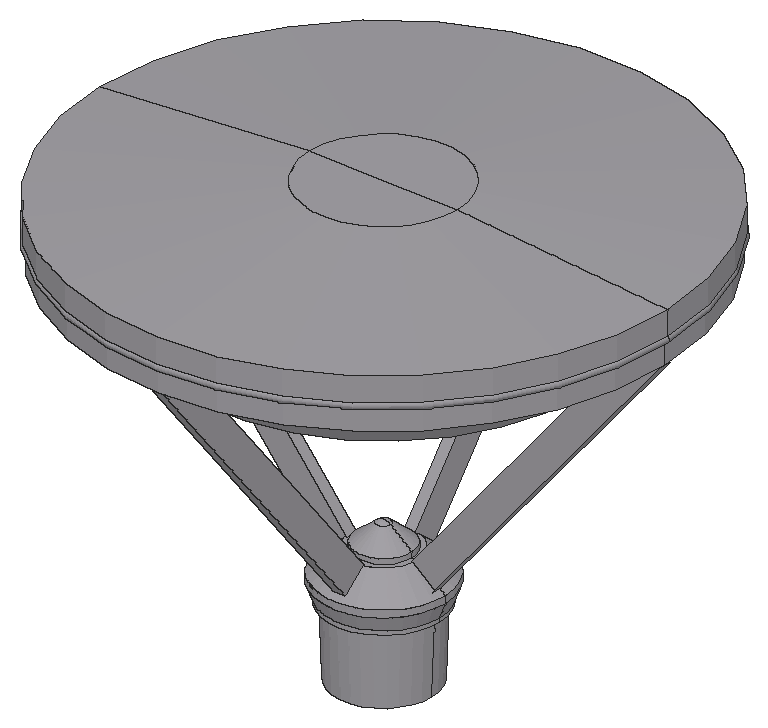
Revit family "SLVT", category Lighting Fixtures, Revit 2021
Family settings
  Round Connector Dimension = Use Diameter
  Part Type = Normal
  Work Plane-Based = No
  Always vertical = Yes
  Cut with Voids When Loaded = No
  Light Source = Yes
  Shared = No
  Room Calculation Point = No
Parameters
  Width Radius = Width / 2  # 1' - 0 3/4"
  Width = 2' - 1 1/2"  # constant formula
  Wattage Comments = "100W MH Ballast"
  Wattage = 12.1178 W
  built-in parameter 1150110 = 1 (stored number, unit not read)
  Voltage = 277 V  # constant formula
  VTLDL = SL Type = 1  # no
  VTL = SL Type = 2  # no
  VTH = SL Type = 0  # yes
  URL = "https://www.currentlighting.com/aal"
  built-in parameter 1114217 = 1 (stored number, unit not read)
  Tilt Angle = 60.00°
  built-in parameter 1150109 = 1 (stored number, unit not read)
  built-in parameter 1150134 = (empty or 0)
  built-in parameter 1150113 = 1 (stored number, unit not read)
  Series = "Largent"  # constant formula
  SL Type = 0
  Reflector Material = Aluminum-Reflector
  Power Factor = 1  # constant formula
  built-in parameter 1154647 = 0' - 0"
  Default Elevation = 0' - 0"
  Photometric Web File = "generic.ies"
  OmniClass Title = "Post-Top Lighting"  # constant formula
  OmniClass Number = "23.80.70.14.11.14"  # constant formula
  Number of Poles = 1
  Note Visible = yes
  Note Text = "LF"  # constant formula
  Model = "SLVT"
  MasterFormat Title = "Area Lighting"  # constant formula
  MasterFormat Number = "26.56.29"  # constant formula
  Manufacturer = "Architectural Area Lighting"  # constant formula
  Lumens = 1800 lm
  built-in parameter 1150115 = 1 (stored number, unit not read)
  built-in parameter 1150105 = 143.24 (stored number, unit not read)
  built-in parameter 1150137 = (empty or 0)
  built-in parameter 1150139 = (empty or 0)
  built-in parameter 1150112 = 1 (stored number, unit not read)
  built-in parameter 1150114 = 1 (stored number, unit not read)
  Lamp = "ONE 100 METAL HALIDE ED-17 MED BASE"
  built-in parameter 1150132 = 2
  built-in parameter 1150102 = (empty or 0)
  built-in parameter 1150138 = (empty or 0)
  built-in parameter 1150107 = 3000 (stored number, unit not read)
  built-in parameter 1150106 = 1.4324 (stored number, unit not read)
  Housing Material = Aluminum-Matte Aluminum
  Height = 1' - 8"  # constant formula
  Glazing Type = Glass-Clear
  Full Load Current = 0.73 A  # constant formula
  Frequency = 60 Hz  # constant formula
  built-in parameter 1150104 = 13.8 (stored number, unit not read)
  Dimming Lamp Color Temperature Shift = <None>
  Description = "Exterior Lighting"  # constant formula
  Color Filter = 16777215
  built-in parameter 1114218 = 1 (stored number, unit not read)
  built-in parameter 1150133 = 10 (stored number, unit not read)
  Assembly Code = "D5020200"
  Apparent Load = 57 VA
  Absolute Lumens = 9300 lm
  AAL IES File = "SL-VT-H2-100MH.ies"
Reference planes (in)
  plane 1 "Light Source Axis (F/B)": y = 0
  plane 2: z = -1.83209
  plane 3 "Light Source Axis (L/R)": x = 0
  plane 4 "Light Source Elevation": z = 14.16791
  plane 5: z = 18.16791
Forms (in)
  Revolve 1, solid, material "Aluminum-Matte Aluminum" <- "Housing Material", detail levels fine
    sketch origin (0, 0, 0) x (1, 0, 0) y (0, 0, 1)
      loop
        line (0, -1.83209) -> (2.16627, -1.83209) -> (2.2754, 1.29291) -> (2.50222, 1.29291) -> (2.50222, 1.47961) -> (2.76864, 2.139) -> (2.76864, 2.44699) -> (1.53107, 3.44916) -> (1.25009, 3.44916) -> (1.25009, 3.66841) -> (0.31087, 4.42897)
        arc (0.31087, 4.42897) -> (0.1649, 4.51072) -> (0, 4.53906) r 0.49398
        line (0, 4.53906) -> (0, -1.83209)
      loop
        line (5.99936, 12.73891) -> (8.97566, 12.73891) -> (10.94951, 15.17641) -> (12.625, 15.17641) -> (12.625, 16.06831)
        arc (12.625, 16.06831) -> (12.7813, 16.22461) -> (12.625, 16.38091) r 0.1563
        line (12.625, 16.38091) -> (12.7345, 16.38091) -> (12.7345, 17.45255) -> (3.33724, 18.16791) -> (0, 18.16791) -> (0, 17.45255) -> (5.99936, 17.45255) -> (5.99936, 12.73891)
      axis (0, 18.16791) -> (0, -1.83209)
    angle from 0 to 360
  Extrusion 2, solid, material "Aluminum-Matte Aluminum" <- "Housing Material"
    sketch origin (0, 0, 0) x (1, 0, 0) y (0, 0, 1)
      loop
        line (0.64143, 2.44699) -> (2.31692, 2.44699) -> (12.625, 15.17641) -> (10.94951, 15.17641) -> (0.64143, 2.44699)
      loop
        line (-0.64143, 2.44699) -> (-10.94951, 15.17641) -> (-12.625, 15.17641) -> (-2.31692, 2.44699) -> (-0.64143, 2.44699)
    from -0.25 to 0.25
  Extrusion 3, solid, material "Aluminum-Matte Aluminum" <- "Housing Material"
    sketch origin (0, 0, 0) x (0, 1, 0) y (0, 0, 1)
      loop
        line (-10.94951, 15.17641) -> (-12.625, 15.17641) -> (-2.31692, 2.44699) -> (-0.64143, 2.44699) -> (-10.94951, 15.17641)
      loop
        line (10.94951, 15.17641) -> (0.64143, 2.44699) -> (2.31692, 2.44699) -> (12.625, 15.17641) -> (10.94951, 15.17641)
    from -0.25 to 0.25
  Extrusion 4, solid, material "Glass-Clear", detail levels medium+fine
    sketch origin (0, 0, -1.83209) x (1, 0, 0) y (0, 1, 0)
      loop
        circle (0, 0) r 5
    from 14.84338 to 14.571
  Revolve 5, solid, material "Aluminum-Reflector" <- "Reflector Material", detail levels medium+fine
    sketch origin (0, 0, 0) x (1, 0, 0) y (0, 0, 1)
      loop
        line (0, 17.45255) -> (0, 17.32755) -> (5.87436, 17.32755) -> (5.87436, 13.01129) -> (5.99936, 13.01129) -> (5.99936, 17.45255) -> (0, 17.45255)
      axis (0, 17.45255) -> (0, 13.01129)
    angle from 0 to 360
  Revolve 6, solid, material "Glass-Clear" <- "Glazing Type", visible <- "VTLDL", detail levels fine
    sketch origin (0, 0, 0) x (1, 0, 0) y (0, 0, 1)
      loop
        line (8.97566, 12.73891) -> (8.81481, 12.73891) -> (1.29212, 3.44916) -> (1.45297, 3.44916) -> (8.97566, 12.73891)
      axis (0, 12.73891) -> (0, 3.44916)
    angle from 0 to 360
  Revolve 7, solid, material "Aluminum-Reflector" <- "Reflector Material", visible <- "VTL", detail levels fine
    sketch origin (0, 0, 0) x (1, 0, 0) y (0, 0, 1)
      loop
        line (2, 11.58791) -> (1.35048, 11.96291) -> (1.35048, 11.81858) -> (1.75, 11.58791) -> (2, 11.58791)
      loop
        line (2, 11.21291) -> (1.35048, 11.58791) -> (1.35048, 11.44358) -> (1.75, 11.21291) -> (2, 11.21291)
      loop
        line (2, 10.83791) -> (1.35048, 11.21291) -> (1.35048, 11.06858) -> (1.75, 10.83791) -> (2, 10.83791)
      loop
        line (2, 10.46291) -> (1.35048, 10.83791) -> (1.35048, 10.69358) -> (1.75, 10.46291) -> (2, 10.46291)
      loop
        line (2, 10.08791) -> (1.35048, 10.46291) -> (1.35048, 10.31858) -> (1.75, 10.08791) -> (2, 10.08791)
      loop
        line (2, 9.71291) -> (1.35048, 10.08791) -> (1.35048, 9.94358) -> (1.75, 9.71291) -> (2, 9.71291)
      loop
        line (2, 9.33791) -> (1.35048, 9.71291) -> (1.35048, 9.56858) -> (1.75, 9.33791) -> (2, 9.33791)
      loop
        line (2, 8.96291) -> (1.35048, 9.33791) -> (1.35048, 9.19358) -> (1.75, 8.96291) -> (2, 8.96291)
      loop
        line (2, 8.58791) -> (1.35048, 8.96291) -> (1.35048, 8.81858) -> (1.75, 8.58791) -> (2, 8.58791)
      loop
        line (2, 8.21291) -> (1.35048, 8.58791) -> (1.35048, 8.44358) -> (1.75, 8.21291) -> (2, 8.21291)
      loop
        line (2, 7.83791) -> (1.35048, 8.21291) -> (1.35048, 8.06858) -> (1.75, 7.83791) -> (2, 7.83791)
      loop
        line (2, 7.46291) -> (1.35048, 7.83791) -> (1.35048, 7.69358) -> (1.75, 7.46291) -> (2, 7.46291)
      loop
        line (2, 7.08791) -> (1.35048, 7.46291) -> (1.35048, 7.31858) -> (1.75, 7.08791) -> (2, 7.08791)
      loop
        line (2, 6.71291) -> (1.35048, 7.08791) -> (1.35048, 6.94358) -> (1.75, 6.71291) -> (2, 6.71291)
      loop
        line (2, 6.33791) -> (1.35048, 6.71291) -> (1.35048, 6.56858) -> (1.75, 6.33791) -> (2, 6.33791)
      loop
        line (2, 5.96291) -> (1.35048, 6.33791) -> (1.35048, 6.19358) -> (1.75, 5.96291) -> (2, 5.96291)
      loop
        line (2, 5.58791) -> (1.35048, 5.96291) -> (1.35048, 5.81858) -> (1.75, 5.58791) -> (2, 5.58791)
      loop
        line (2, 5.21291) -> (1.35048, 5.58791) -> (1.35048, 5.44358) -> (1.75, 5.21291) -> (2, 5.21291)
      loop
        line (2, 4.98225) -> (1.75, 4.98225) -> (1.35048, 4.75159) -> (1.35048, 4.60725) -> (2, 4.98225)
      axis (0, 11.96291) -> (0, 4.60725)
    angle from 0 to 360
  Revolve 8, solid, material "Aluminum-Matte Aluminum" <- "Housing Material", detail levels coarse+medium
    sketch origin (0, 0, 0) x (1, 0, 0) y (0, 0, 1)
      loop
        line (2.76864, 4.60725) -> (0, 4.60725) -> (0, -1.83209) -> (2.76864, -1.83209) -> (2.76864, 4.60725)
      loop
        line (12.75, 18.16791) -> (0, 18.16791) -> (0, 17.45255) -> (5.99936, 17.45255) -> (5.99936, 12.73891) -> (12.75, 12.73891) -> (12.75, 18.16791)
      axis (0, 18.16791) -> (0, -1.83209)
    angle from 0 to 360
  Extrusion 9, solid, material "Aluminum-Matte Aluminum" <- "Housing Material", detail levels medium+fine
    sketch origin (0, 0, 14.16791) x (0, -1, 0) y (-1, 0, 0)
      loop
        circle (0, 0) r 6
      loop
        circle (0, 0) r 5
    from 0.8979 to 1.57504
Lines and regions (in)
  Masking region 1, detail levels fine
    outline origin (0, 0, -1.83209) x (1, 0, 0) y (0, 1, 0)
      loop
        circle (0, 0) r 12.75
  Masking region 2, detail levels coarse+medium
    outline origin (0, 0, -1.83209) x (1, 0, 0) y (0, 1, 0)
      loop
        circle (0, 0) r 12.75
  Masking region 3, detail levels coarse
    outline origin (0, 0, 0) x (1, 0, 0) y (0, 0, 1)
      loop
        line (-2.16627, -1.83209) -> (2.16627, -1.83209) -> (12.75, 15.17641) -> (12.75, 18.16791) -> (-12.75, 18.16791) -> (-12.75, 15.17641) -> (-2.16627, -1.83209)
  Masking region 4, detail levels medium+fine
    outline origin (0, 0, 0) x (1, 0, 0) y (0, 0, 1)
      loop
        line (2.16627, -1.83209) -> (2.2754, 1.29291) -> (2.50222, 1.29291) -> (2.50222, 1.47961) -> (2.76864, 2.139) -> (2.76864, 2.44699) -> (2.49582, 2.66792) -> (12.625, 15.17641) -> (12.625, 16.06831)
        arc (12.625, 16.06831) -> (12.7813, 16.22461) -> (12.625, 16.38091) r 0.1563
        line (12.625, 16.38091) -> (12.7345, 16.38091) -> (12.7345, 17.45255) -> (3.33724, 18.16791) -> (-3.33724, 18.16791) -> (-12.7345, 17.45255) -> (-12.7345, 16.38091) -> (-12.625, 16.38091)
        arc (-12.625, 16.38091) -> (-12.7813, 16.22461) -> (-12.625, 16.06831) r 0.1563
        line (-12.625, 16.06831) -> (-12.625, 15.17641) -> (-2.49582, 2.66792) -> (-2.76864, 2.44699) -> (-2.76864, 2.139) -> (-2.50222, 1.47961) -> (-2.50222, 1.29291) -> (-2.2754, 1.29291) -> (-2.16627, -1.83209) -> (2.16627, -1.83209)
  Masking region 5, detail levels medium+fine
    outline origin (0, 0, 0) x (1, 0, 0) y (0, 0, 1)
      loop
        line (1.45297, 3.44916) -> (8.97566, 12.73891) -> (0.25, 12.73891) -> (0.25, 4.47827) -> (1.25009, 3.66841) -> (1.25009, 3.44916) -> (1.45297, 3.44916)
      loop
        line (-1.45297, 3.44916) -> (-1.25009, 3.44916) -> (-1.25009, 3.66841) -> (-0.25, 4.47827) -> (-0.25, 12.73891) -> (-8.97566, 12.73891) -> (-1.45297, 3.44916)
  Masking region 6, detail levels coarse
    outline origin (0, 0, 0) x (0, 1, 0) y (0, 0, 1)
      loop
        line (2.76199, -1.83209) -> (12.75, 15.16791) -> (12.75, 18.16791) -> (-12.75, 18.16791) -> (-12.75, 15.16791) -> (-2.76199, -1.83209) -> (2.76199, -1.83209)
  Masking region 7, detail levels medium+fine
    outline origin (0, 0, 0) x (0, 1, 0) y (0, 0, 1)
      loop
        line (2.16627, -1.83209) -> (2.2754, 1.29291) -> (2.50222, 1.29291) -> (2.50222, 1.47961) -> (2.76864, 2.139) -> (2.76864, 2.44699) -> (2.49582, 2.66792) -> (12.625, 15.17641) -> (12.625, 16.06831)
        arc (12.625, 16.06831) -> (12.7813, 16.22461) -> (12.625, 16.38091) r 0.1563
        line (12.625, 16.38091) -> (12.7345, 16.38091) -> (12.7345, 17.45255) -> (3.33724, 18.16791) -> (-3.33724, 18.16791) -> (-12.7345, 17.45255) -> (-12.7345, 16.38091) -> (-12.625, 16.38091)
        arc (-12.625, 16.38091) -> (-12.7813, 16.22461) -> (-12.625, 16.06831) r 0.1563
        line (-12.625, 16.06831) -> (-12.625, 15.17641) -> (-2.49582, 2.66792) -> (-2.76864, 2.44699) -> (-2.76864, 2.139) -> (-2.50222, 1.47961) -> (-2.50222, 1.29291) -> (-2.2754, 1.29291) -> (-2.16627, -1.83209) -> (2.16627, -1.83209)
  Masking region 8, detail levels medium+fine
    outline origin (0, 0, 0) x (0, 1, 0) y (0, 0, 1)
      loop
        line (-1.45297, 3.44916) -> (-1.25191, 3.44916) -> (-1.25191, 3.6653) -> (-0.25, 4.47663) -> (-0.25, 12.73891) -> (-8.97566, 12.73891) -> (-1.45297, 3.44916)
      loop
        line (1.45297, 3.44916) -> (8.97566, 12.73891) -> (0.25, 12.73891) -> (0.25, 4.47663) -> (1.25191, 3.6653) -> (1.25191, 3.44916) -> (1.45297, 3.44916)
  symbolic lines, style "LightingFixturesHiddenLines", detail levels coarse
    curve 1: line (-12.75, 0, -1.83209) -> (12.75, 0, -1.83209)
    curve 2: line (0, 12.75, -1.83209) -> (0, -12.75, -1.83209)
  symbolic lines, detail levels fine
    curve 3: line (-0.64143, 0, 2.44699) -> (-10.94951, 0, 15.17641)
    curve 4: line (10.94951, 0, 15.17641) -> (0.64143, 0, 2.44699)
    curve 5: line (2.50222, 0, 1.29291) -> (-2.50222, 0, 1.29291)
    curve 6: line (-2.50222, 0, 1.47961) -> (2.50222, 0, 1.47961)
    curve 7: line (-2.76864, 0, 2.139) -> (2.76864, 0, 2.139)
    curve 8: line (-2.76864, 0, 2.44699) -> (2.76864, 0, 2.44699)
    curve 9: line (-0.25, 0, 3.44916) -> (-1.45297, 0, 3.44916)
    curve 10: line (-1.25009, 0, 3.66841) -> (-0.25, 0, 3.66841)
    curve 11: line (12.625, 0, 15.17641) -> (-12.625, 0, 15.17641)
    curve 12: line (-12.625, 0, 16.06831) -> (12.625, 0, 16.06831)
    curve 13: line (12.7345, 0, 16.38091) -> (-12.7345, 0, 16.38091)
    curve 14: line (-12.7345, 0, 17.45255) -> (12.7345, 0, 17.45255)
    curve 15: line (0.25, 0, 3.66841) -> (1.25009, 0, 3.66841)
    curve 16: line (0.25, 0, 3.44916) -> (1.45297, 0, 3.44916)
    curve 17: line (-0.25, 0, 15.17641) -> (-0.25, 0, 2.44699)
    curve 18: line (0.25, 0, 2.44699) -> (0.25, 0, 15.17641)
    curve 19: line (0, 12.7345, 17.45255) -> (0, -12.7345, 17.45255)
    curve 20: line (0, 12.7345, 16.38091) -> (0, -12.625, 16.38091)
    curve 21: line (0, 12.625, 15.17641) -> (0, -12.625, 15.17641)
    curve 22: line (0, 10.94951, 15.17641) -> (0, 0.64143, 2.44699)
    curve 23: line (0, -0.64143, 2.44699) -> (0, -10.94951, 15.17641)
    curve 24: line (0, 0.25, 2.44699) -> (0, 0.25, 15.17641)
    curve 25: line (0, -0.25, 15.17641) -> (0, -0.25, 2.44699)
    curve 26: line (0, 1.45297, 3.44916) -> (0, 0.25, 3.44916)
    curve 27: line (0, -0.25, 3.44916) -> (0, -1.45297, 3.44916)
    curve 28: line (0, -2.76864, 2.44699) -> (0, 2.76864, 2.44699)
    curve 29: line (0, 2.50222, 1.29291) -> (0, -2.50222, 1.29291)
    curve 30: line (0, 2.50222, 1.47961) -> (0, -2.50222, 1.47961)
    curve 31: line (0, 2.76864, 2.139) -> (0, -2.76864, 2.139)
    curve 32: line (0, 1.25191, 3.66841) -> (0, 0.25, 3.66841)
    curve 33: line (0, 12.625, 16.06831) -> (0, -12.625, 16.06831)
    curve 34: line (0, -0.25, 3.66841) -> (0, -1.25191, 3.66841)
Dimensions and locks (in)
  "Height": plane 5 to plane 2
  locked: plane 5 to plane 4 "Light Source Elevation" at 4
  Revolve 1 sketch curve to Revolve 1 sketch curve to Revolve 1 sketch curve to Revolve 1 sketch curve to Revolve 1 sketch curve to Revolve 1 sketch curve to Revolve 1 sketch curve to plane 2 = 0' - 0.87065" locked, 0' - 0.21925" locked, 0' - 1.00216" locked, 0' - 0.30799" locked, 0' - 0.6594" locked, 0' - 0.1867" locked, 0' - 3 1/8" locked
  Revolve 1 sketch curve to Revolve 1 sketch curve to Revolve 1 sketch curve to Revolve 1 sketch curve to Revolve 1 sketch curve to Revolve 1 sketch curve to Revolve 1 sketch curve to Revolve 1 sketch curve = 0' - 0.31087" locked, 0' - 0.93921" locked, 0' - 0.28098" locked, 0' - 0.63521" locked, 0' - 0.10913" locked, 0' - 0.22682" locked, 0' - 0.26641" locked
  plane 5 to Revolve 1 sketch curve to Revolve 1 sketch curve to Revolve 1 sketch curve to Revolve 1 sketch curve to Revolve 1 sketch curve to Revolve 1 sketch curve = 0' - 0.71536" locked, 0' - 0" locked, 0' - 1.07164" locked, 0' - 0.3126" locked, 0' - 0.8919" locked, 0' - 2 7/16" locked
  Revolve 1 sketch curve to Revolve 1 sketch curve to Revolve 1 sketch curve to Revolve 1 sketch curve to Revolve 1 sketch curve to Revolve 1 sketch curve to Revolve 1 sketch curve to Revolve 1 sketch curve = 0' - 3.33724" locked, 0' - 2.66213" locked, 0' - 2.97629" locked, 0' - 1.97385" locked, 0' - 1.67549" locked, 0' - 0.1095" locked, 0' - 0.0468" locked
  locked: Extrusion 2 sketch curve to plane 2 at 4.27909
  locked: plane 5 to Extrusion 2 sketch curve at 2.9915
  Extrusion 2 sketch curve to Extrusion 2 sketch curve to Extrusion 2 sketch curve to Extrusion 2 sketch curve to plane 3 "Light Source Axis (L/R)" to Extrusion 2 sketch curve to Extrusion 2 sketch curve to Extrusion 2 sketch curve to Extrusion 2 sketch curve = 0' - 1.67549" locked, 0' - 8.63258" locked, 0' - 1.67549" locked, 0' - 0.64143" locked, 0' - 0.64143" locked, 0' - 1.67549" locked, 0' - 8.63258" locked, 0' - 1.67549" locked
  Extrusion 2 to plane 1 "Light Source Axis (F/B)" to Extrusion 2 = 0' - 0 1/4" locked, 0' - 0 1/4" locked
  plane 5 to Extrusion 3 sketch curve = 0' - 2.9915"
  Extrusion 3 sketch curve to plane 2 = 0' - 4.27909"
  Extrusion 3 sketch curve to Extrusion 3 sketch curve to Extrusion 3 sketch curve to Extrusion 3 sketch curve to plane 1 "Light Source Axis (F/B)" to Extrusion 3 sketch curve to Extrusion 3 sketch curve to Extrusion 3 sketch curve to Extrusion 3 sketch curve = 0' - 1.67549" locked, 0' - 8.63258" locked, 0' - 1.67549" locked, 0' - 0.64143" locked, 0' - 0.64143" locked, 0' - 1.67549" locked, 0' - 8.63258" locked, 0' - 1.67549" locked
  Extrusion 3 to plane 3 "Light Source Axis (L/R)" to Extrusion 3 = 0' - 0 1/4" locked, 0' - 0 1/4" locked
  locked: plane 3 "Light Source Axis (L/R)" to Extrusion 4 sketch curve at 5
  plane 5 to Extrusion 4 to Extrusion 4 = 0' - 5.15662" locked, 0' - 0.27238" locked
  Revolve 5 sketch curve to Revolve 5 sketch curve to Revolve 5 sketch curve = 0' - 5.87436" locked, 0' - 0 1/8" locked
  plane 5 to Revolve 5 sketch curve to Revolve 5 sketch curve to Revolve 5 sketch curve = 0' - 0.71536" locked, 0' - 0 1/8" locked, 0' - 4.31626" locked
  locked: Revolve 6 sketch curve to plane 2 at 5.28125
  locked: plane 5 to Revolve 6 sketch curve at 5.429
  Revolve 6 sketch curve to Revolve 6 sketch curve to Revolve 6 sketch curve to Revolve 6 sketch curve to Revolve 6 sketch curve = 0' - 1.29212" locked, 0' - 0.16084" locked, 0' - 7.36185" locked, 0' - 0.16084" locked
  Revolve 7 sketch curve to Revolve 7 sketch curve to Revolve 7 sketch curve to Revolve 7 sketch curve to Revolve 7 sketch curve to Revolve 7 sketch curve to Revolve 7 sketch curve to Revolve 7 sketch curve to Revolve 7 sketch curve to Revolve 7 sketch curve to Revolve 7 sketch curve to Revolve 7 sketch curve to Revolve 7 sketch curve to Revolve 7 sketch curve to Revolve 7 sketch curve to Revolve 7 sketch curve to Revolve 7 sketch curve to Revolve 7 sketch curve to Revolve 7 sketch curve to Revolve 7 sketch curve to Revolve 7 sketch curve to Revolve 7 sketch curve to Revolve 7 sketch curve to Revolve 7 sketch curve to Revolve 7 sketch curve to Revolve 7 sketch curve to Revolve 7 sketch curve to Revolve 7 sketch curve to Revolve 7 sketch curve to Revolve 7 sketch curve to Revolve 7 sketch curve to Revolve 7 sketch curve to Revolve 7 sketch curve to Revolve 7 sketch curve to Revolve 7 sketch curve to Revolve 7 sketch curve to Revolve 7 sketch curve to Revolve 7 sketch curve to Revolve 7 sketch curve to Revolve 7 sketch curve = 0' - 1.35048" locked, 0' - 0.39952" locked, 0' - 0", 0' - 0", 0' - 0", 0' - 0", 0' - 0", 0' - 0", 0' - 0", 0' - 0", 0' - 0", 0' - 0", 0' - 0", 0' - 0", 0' - 0", 0' - 0", 0' - 0", 0' - 0", 0' - 0", 0' - 0", 0' - 0 1/4" locked, 0' - 0", 0' - 0", 0' - 0", 0' - 0", 0' - 0", 0' - 0", 0' - 0", 0' - 0", 0' - 0", 0' - 0", 0' - 0", 0' - 0", 0' - 0", 0' - 0", 0' - 0", 0' - 0", 0' - 0", 0' - 0"
  Revolve 7 sketch curve to Revolve 7 sketch curve to Revolve 7 sketch curve to Revolve 7 sketch curve to Revolve 7 sketch curve to Revolve 7 sketch curve to Revolve 7 sketch curve to Revolve 7 sketch curve to Revolve 7 sketch curve to Revolve 7 sketch curve to Revolve 7 sketch curve to Revolve 7 sketch curve to Revolve 7 sketch curve to Revolve 7 sketch curve to Revolve 7 sketch curve to Revolve 7 sketch curve to Revolve 7 sketch curve to Revolve 7 sketch curve to Revolve 7 sketch curve to Revolve 7 sketch curve to Revolve 7 sketch curve to Revolve 7 sketch curve to Revolve 7 sketch curve to Revolve 7 sketch curve to Revolve 7 sketch curve to Revolve 7 sketch curve to Revolve 7 sketch curve to Revolve 7 sketch curve to Revolve 7 sketch curve to Revolve 7 sketch curve to Revolve 7 sketch curve to Revolve 7 sketch curve to Revolve 7 sketch curve to Revolve 7 sketch curve to Revolve 7 sketch curve to Revolve 7 sketch curve to Revolve 7 sketch curve to Revolve 7 sketch curve to Revolve 7 sketch curve to Revolve 7 sketch curve to Revolve 7 sketch curve to Revolve 7 sketch curve to Revolve 7 sketch curve to Revolve 7 sketch curve to Revolve 7 sketch curve to Revolve 7 sketch curve to Revolve 7 sketch curve to Revolve 7 sketch curve to Revolve 7 sketch curve to Revolve 7 sketch curve to Revolve 7 sketch curve to Revolve 7 sketch curve to Revolve 7 sketch curve to Revolve 7 sketch curve to Revolve 7 sketch curve to Revolve 7 sketch curve to Revolve 7 sketch curve to plane 2 = 0' - 0.14434" locked, 0' - 0.23066" locked, 0' - 0" locked, 0' - 0.14434" locked, 0' - 0.23066" locked, 0' - 0" locked, 0' - 0.14434" locked, 0' - 0.23066" locked, 0' - 0" locked, 0' - 0.14434" locked, 0' - 0.23066" locked, 0' - 0" locked, 0' - 0.14434" locked, 0' - 0.23066" locked, 0' - 0" locked, 0' - 0.14434" locked, 0' - 0.23066" locked, 0' - 0" locked, 0' - 0.14434" locked, 0' - 0.23066" locked, 0' - 0" locked, 0' - 0.14434" locked, 0' - 0.23066" locked, 0' - 0" locked, 0' - 0.14434" locked, 0' - 0.23066" locked, 0' - 0" locked, 0' - 0.14434" locked, 0' - 0.23066" locked, 0' - 0" locked, 0' - 0.14434" locked, 0' - 0.23066" locked, 0' - 0" locked, 0' - 0.14434" locked, 0' - 0.23066" locked, 0' - 0" locked, 0' - 0.14434" locked, 0' - 0.23066" locked, 0' - 0" locked, 0' - 0.14434" locked, 0' - 0.23066" locked, 0' - 0" locked, 0' - 0.14434" locked, 0' - 0.23066" locked, 0' - 0" locked, 0' - 0.14434" locked, 0' - 0.23066" locked, 0' - 0" locked, 0' - 0.14434" locked, 0' - 0.23066" locked, 0' - 0" locked, 0' - 0.14434" locked, 0' - 0.23066" locked, 0' - 0.23066" locked, 0' - 0.23066" locked, 0' - 0.14434" locked, 0' - 6.43934" locked
  "Width Radius": Revolve 8 sketch curve to Revolve 8 sketch curve
  locked: Revolve 8 sketch curve to plane 2 at 6.43934
  locked: Revolve 8 sketch curve to Revolve 8 sketch curve at 2.76864
  plane 5 to Revolve 8 sketch curve to Revolve 8 sketch curve = 0' - 0.71536" locked, 0' - 4.71364" locked
  locked: Revolve 8 sketch curve to Revolve 8 sketch curve at 6.75064
  "Width Radius": curve 1 to plane 3 "Light Source Axis (L/R)"
  "Width Radius": plane 3 "Light Source Axis (L/R)" to curve 1
  "Width Radius": plane 1 "Light Source Axis (F/B)" to curve 2
  "Width Radius": curve 2 to plane 1 "Light Source Axis (F/B)"
  "Width Radius": Masking region 3 sketch curve to plane 3 "Light Source Axis (L/R)"
  plane 3 "Light Source Axis (L/R)" to Masking region 3 sketch curve = 1' - 0 3/4"
  locked: plane 5 to Masking region 3 sketch curve at 2.9915  (x2)
  locked: plane 3 "Light Source Axis (L/R)" to Masking region 3 sketch curve at 2.16627
  locked: Masking region 3 sketch curve to plane 3 "Light Source Axis (L/R)" at 2.16627
  Masking region 4 sketch curve to Masking region 4 sketch curve to Masking region 4 sketch curve to Masking region 4 sketch curve to Masking region 4 sketch curve to Masking region 4 sketch curve to Masking region 4 sketch curve to Masking region 4 sketch curve to Masking region 4 sketch curve to plane 3 "Light Source Axis (L/R)" to Masking region 4 sketch curve to Masking region 4 sketch curve to Masking region 4 sketch curve to Masking region 4 sketch curve to Masking region 4 sketch curve to Masking region 4 sketch curve to Masking region 4 sketch curve to Masking region 4 sketch curve = 0' - 0.0468" locked, 0' - 0.1095" locked, 0' - 9.28776" locked, 0' - 0.5686" locked, 0' - 0.26641" locked, 0' - 0.0064" locked, 0' - 0.22042" locked, 0' - 0.10913" locked, 0' - 2.16627" locked, 0' - 2.16627" locked, 0' - 0.10913" locked, 0' - 0.22682" locked, 0' - 0.26641" locked, 0' - 0.5686" locked, 0' - 9.28776" locked, 0' - 0.1095" locked, 0' - 0.0468" locked
  plane 5 to Masking region 4 sketch curve to Masking region 4 sketch curve to Masking region 4 sketch curve to Masking region 4 sketch curve = 0' - 0.71536" locked, 0' - 1.07164" locked, 0' - 0.3126" locked, 0' - 0.8919" locked  (x2)
  Masking region 4 sketch curve to Masking region 4 sketch curve to Masking region 4 sketch curve to Masking region 4 sketch curve to Masking region 4 sketch curve to plane 2 = 0' - 0.22092" locked, 0' - 0.30799" locked, 0' - 0.6594" locked, 0' - 0.1867" locked, 0' - 3 1/8" locked  (x2)
  Masking region 5 sketch curve to Masking region 5 sketch curve to Revolve 1 = 0' - 0.80986" locked, 0' - 0.21925" locked  (x2)
  plane 3 "Light Source Axis (L/R)" to curve 10 to curve 9 to curve 6 to curve 5 to curve 8 to curve 7 to curve 12 to curve 11 to curve 14 to curve 13 = 0' - 1.25009" locked, 0' - 0.20288" locked, 0' - 1.04926" locked, 0' - 0" locked, 0' - 0.26641" locked, 0' - 0" locked, 0' - 9.85636" locked, 0' - 0" locked, 0' - 0.1095" locked, 0' - 0" locked
  curve 14 to curve 13 to curve 12 to curve 11 to curve 8 to curve 7 to curve 6 to curve 5 to curve 16 to curve 15 to plane 3 "Light Source Axis (L/R)" = 0' - 0", 0' - 0.1095", 0' - 0" locked, 0' - 9.85636" locked, 0' - 0" locked, 0' - 0.26641" locked, 0' - 0" locked, 0' - 1.04926" locked, 0' - 0.20288" locked, 0' - 1.25009" locked
  locked: curve 17 to plane 2 at 4.27909
  locked: plane 5 to curve 17 at 2.9915
  Masking region 6 sketch curve to Masking region 6 sketch curve to plane 1 "Light Source Axis (F/B)" to Masking region 6 sketch curve to Masking region 6 sketch curve = 0' - 9.98801" locked, 0' - 2.76199" locked, 0' - 2.76199" locked, 0' - 9.98801" locked
  locked: plane 5 to Masking region 6 sketch curve at 3  (x2)
  Masking region 7 sketch curve to Masking region 7 sketch curve to Masking region 7 sketch curve to Masking region 7 sketch curve to Masking region 7 sketch curve to Masking region 7 sketch curve to Masking region 7 sketch curve to Masking region 7 sketch curve to Masking region 7 sketch curve to plane 1 "Light Source Axis (F/B)" to Masking region 7 sketch curve to Masking region 7 sketch curve to Masking region 7 sketch curve to Masking region 7 sketch curve to Masking region 7 sketch curve to Masking region 7 sketch curve to Masking region 7 sketch curve to Masking region 7 sketch curve to Masking region 7 sketch curve = 0' - 0.0468" locked, 0' - 0.1095" locked, 0' - 9.28776" locked, 0' - 0.5686" locked, 0' - 0.26641" locked, 0' - 0.0064" locked, 0' - 0.22042" locked, 0' - 0.10913" locked, 0' - 2.16627" locked, 0' - 2.16627" locked, 0' - 0.10913" locked, 0' - 0.22042" locked, 0' - 0.0064" locked, 0' - 0.26641" locked, 0' - 0.5686" locked, 0' - 9.28776" locked, 0' - 0.1095" locked, 0' - 0.0468" locked
  Masking region 7 sketch curve to Masking region 7 sketch curve to Masking region 7 sketch curve to Masking region 7 sketch curve to Masking region 7 sketch curve to Masking region 7 sketch curve to Masking region 7 sketch curve to Masking region 7 sketch curve to Masking region 7 sketch curve to plane 2 = 0' - 1.07164", 0' - 0.3126", 0' - 0.8919", 1' - 0.50849", 0' - 0.22092", 0' - 0.30799", 0' - 0.6594", 0' - 0.1867", 0' - 3 1/8"
  Masking region 7 sketch curve to Masking region 7 sketch curve to Masking region 7 sketch curve to Masking region 7 sketch curve to Masking region 7 sketch curve to Masking region 7 sketch curve to Masking region 7 sketch curve to Masking region 7 sketch curve to Masking region 7 sketch curve to plane 2 = 0' - 1.07164" locked, 0' - 0.3126" locked, 0' - 0.8919" locked, 1' - 0.50849" locked, 0' - 0.22092" locked, 0' - 0.30799" locked, 0' - 0.6594" locked, 0' - 0.1867" locked, 0' - 3 1/8" locked
  Masking region 8 sketch curve to plane 1 "Light Source Axis (F/B)" to Masking region 8 sketch curve = 0' - 1.25191" locked, 0' - 1.25191" locked
  Masking region 8 sketch curve to Masking region 8 sketch curve to Masking region 8 sketch curve to Masking region 8 sketch curve to plane 2 = 0' - 0" locked, 0' - 0.81133" locked, 0' - 0" locked, 0' - 5.49739" locked
  curve 22 to curve 26 to curve 22 to plane 1 "Light Source Axis (F/B)" to curve 23 to curve 27 to curve 23 = 0' - 9.49654" locked, 0' - 0.81154" locked, 0' - 0.64143" locked, 0' - 0.64143" locked, 0' - 0.81154" locked, 0' - 9.49654" locked
  locked: plane 5 to curve 25 at 2.9915
  "Default Elevation": plane 2 to level
  plane 3 "Light Source Axis (L/R)" to Extrusion 9 sketch curve to Extrusion 9 sketch curve = 0' - 5" locked, 0' - 1" locked
  plane 4 "Light Source Elevation" to Extrusion 9 to Extrusion 9 = 0' - 0.8979" locked, 0' - 0.67714" locked
  "Width Radius": radius of Masking region 1 sketch curve
  "Width Radius": radius of Masking region 2 sketch curve
  aligned and locked: plane 3 "Light Source Axis (L/R)" to imposter light
  aligned and locked: plane 1 "Light Source Axis (F/B)" to imposter light
  aligned and locked: plane 4 "Light Source Elevation" to imposter light
  aligned and locked: Revolve 1 sketch curve to plane 3 "Light Source Axis (L/R)"
  aligned and locked: Revolve 1 sketch curve to Revolve 1 sketch curve  (x2)
  aligned and locked: Revolve 1 sketch curve to plane 2
  aligned and locked: plane 5 to Revolve 1 sketch curve
  aligned and locked: Extrusion 2 sketch curve to Extrusion 2 sketch curve  (x2)
  aligned and locked: Extrusion 3 sketch curve to Extrusion 3 sketch curve  (x2)
  aligned and locked: plane 3 "Light Source Axis (L/R)" to Extrusion 4 sketch curve
  aligned and locked: plane 1 "Light Source Axis (F/B)" to Extrusion 4 sketch curve
  aligned and locked: Revolve 5 sketch curve to plane 3 "Light Source Axis (L/R)"
  aligned and locked: Revolve 5 sketch curve to Revolve 5 sketch curve
  aligned and locked: Revolve 6 sketch curve to plane 3 "Light Source Axis (L/R)"
  aligned and locked: Revolve 7 sketch curve to plane 3 "Light Source Axis (L/R)"
  aligned and locked: Revolve 7 sketch curve to Revolve 7 sketch curve  (x18)
  aligned and locked: Revolve 8 sketch curve to plane 3 "Light Source Axis (L/R)"
  aligned and locked: Revolve 8 sketch curve to plane 2
  aligned and locked: Revolve 8 sketch curve to Revolve 8 sketch curve  (x2)
  aligned and locked: plane 5 to Revolve 8 sketch curve
  aligned and locked: plane 1 "Light Source Axis (F/B)" to nested 1
  aligned and locked: plane 3 "Light Source Axis (L/R)" to nested 1
  aligned and locked: plane 3 "Light Source Axis (L/R)" to Masking region 1 sketch curve
  aligned and locked: plane 1 "Light Source Axis (F/B)" to Masking region 1 sketch curve
  aligned and locked: plane 3 "Light Source Axis (L/R)" to Masking region 2 sketch curve
  aligned and locked: plane 1 "Light Source Axis (F/B)" to Masking region 2 sketch curve
  aligned and locked: plane 1 "Light Source Axis (F/B)" to curve 1
  aligned and locked: curve 2 to plane 3 "Light Source Axis (L/R)"
  aligned and locked: Masking region 3 sketch curve to plane 2
  aligned and locked: Masking region 3 sketch curve to plane 5
  aligned and locked: plane 5 to Masking region 4 sketch curve
  aligned and locked: Masking region 4 sketch curve to plane 2
  aligned and locked: Masking region 5 sketch curve to Revolve 6  (x2)
  aligned and locked: Masking region 5 sketch curve to Extrusion 2
  aligned and locked: Extrusion 2 to Masking region 5 sketch curve
  aligned and locked: Masking region 5 sketch curve to Revolve 1
  aligned and locked: Revolve 1 to Masking region 5 sketch curve
  aligned and locked: Masking region 5 sketch curve to Extrusion 3
  aligned and locked: Extrusion 3 to Masking region 5 sketch curve
  aligned and locked: curve 3 to Extrusion 2
  aligned and locked: curve 4 to Extrusion 2
  aligned and locked: curve 5 to Revolve 1
  aligned and locked: curve 6 to Revolve 1
  aligned and locked: curve 7 to Revolve 1
  aligned and locked: curve 8 to Revolve 1
  aligned and locked: Revolve 1 to curve 9
  aligned and locked: curve 10 to Revolve 1
  aligned and locked: curve 12 to Revolve 1
  aligned and locked: curve 13 to Revolve 1
  aligned and locked: curve 14 to Revolve 1
  aligned and locked: Extrusion 3 to curve 9
  aligned and locked: curve 15 to Revolve 1
  aligned and locked: curve 16 to Revolve 1
  aligned and locked: Extrusion 3 to curve 15
  aligned and locked: Revolve 1 to curve 18
  aligned and locked: Masking region 6 sketch curve to plane 5
  aligned and locked: Masking region 6 sketch curve to plane 2
  aligned and locked: Masking region 7 sketch curve to plane 2
  aligned and locked: plane 5 to Masking region 7 sketch curve
  aligned and locked: Masking region 8 sketch curve to Revolve 1
  aligned and locked: Masking region 8 sketch curve to Extrusion 3
  aligned and locked: Masking region 8 sketch curve to Revolve 6  (x2)
  aligned and locked: Masking region 8 sketch curve to Extrusion 2
  aligned and locked: Revolve 1 to Masking region 8 sketch curve
  aligned and locked: Extrusion 3 to Masking region 8 sketch curve
  aligned and locked: Extrusion 2 to Masking region 8 sketch curve
  aligned and locked: curve 19 to Revolve 5
  aligned and locked: curve 20 to Revolve 1
  aligned and locked: curve 22 to Extrusion 3
  aligned and locked: curve 24 to Extrusion 2
  aligned and locked: Extrusion 2 to curve 25
  aligned and locked: Revolve 1 to curve 26
  aligned and locked: Revolve 1 to curve 27
  aligned and locked: curve 28 to Extrusion 3
  aligned and locked: curve 29 to Revolve 1
  aligned and locked: curve 31 to Revolve 1
  aligned and locked: curve 32 to Revolve 1
  aligned and locked: Revolve 1 to curve 30
  aligned and locked: Revolve 1 to curve 33
  aligned and locked: Revolve 1 to curve 34
  aligned and locked: curve 32 to Masking region 8
  aligned and locked: Extrusion 2 to curve 32
  aligned and locked: Extrusion 2 to curve 34
  aligned and locked: Masking region 8 to curve 34
  aligned and locked: Masking region 7 to curve 28
  aligned and locked: curve 28 to Masking region 7
  aligned and locked: curve 31 to Masking region 7
  aligned and locked: Masking region 7 to curve 31
  aligned and locked: Masking region 7 to curve 30
  aligned and locked: curve 29 to Masking region 7
  aligned and locked: Masking region 7 to curve 29
  aligned and locked: curve 30 to Masking region 7
  aligned and locked: plane 3 "Light Source Axis (L/R)" to Extrusion 9 sketch curve  (x2)
  aligned and locked: plane 1 "Light Source Axis (F/B)" to Extrusion 9 sketch curve  (x2)
Automatic sketch dimensions
  Revolve 1 sketch curve to level = 4' - 1"
  Revolve 1 sketch curve to Revolve 1 sketch curve = 0' - 0.49398"
  Revolve 1 sketch curve to Revolve 1 sketch curve = 2' - 10.545"
  Revolve 5 sketch curve to level = 4' - 1"
  plane 5 to Revolve 5 sketch curve = 2' - 10.545"
  Revolve 6 sketch curve to level = 4' - 1"
  plane 5 to Revolve 6 sketch curve = 2' - 10.545"
  Revolve 7 sketch curve to level = 4' - 1"
  plane 5 to Revolve 7 sketch curve = 2' - 10.545"
  Revolve 8 sketch curve to level = 4' - 1"
  plane 5 to Revolve 8 sketch curve = 2' - 10.545"
  Masking region 5 sketch curve to Masking region 5 sketch curve = 0' - 0.20288"  (x2)
  curve 21 to curve 23 = 0' - 1.67549"
  curve 20 to curve 21 = 0' - 0"
  curve 33 to curve 20 = 0' - 0"
  curve 19 to curve 20 = 0' - 0.1095"
  curve 22 to curve 21 = 0' - 1.67549"
  curve 33 to curve 21 = 0' - 0"
  curve 33 to curve 19 = 0' - 0.1095"
  curve 33 to curve 20 = 0' - 0.1095"
Nested families (in)
  nested 1: "Notation" at (0, 0, 25), visible <- "Note Visible", type "Notation"
Connectors (in)
  electrical at (0, 0, -1.83209), driven by "Power Factor", driven by "Lamp", driven by "Number of Poles", driven by "Voltage", driven by "Apparent Load"
    settings: on Revolve 1, index 1, voltage 277 V, apparent load 57 VA, apparent load phase1 0 VA, apparent load phase2 0 VA, apparent load phase3 0 VA, power factor 1, load classification "Lighting", number of poles 1, system type 30, power factor state 1, is connector primary yes, connector utility no, sub classification motor no, connector description "ONE 100 METAL HALIDE ED-17 MED BASE"
Definition of nested family "Notation"
  Parameters
    Notation = "LF"
  Reference planes (in)
    plane 1: y = 0
    plane 2: x = 0
  Text (in)
    label "Notation" at (0.02149, 0.07192, 0), shows "Notation"
